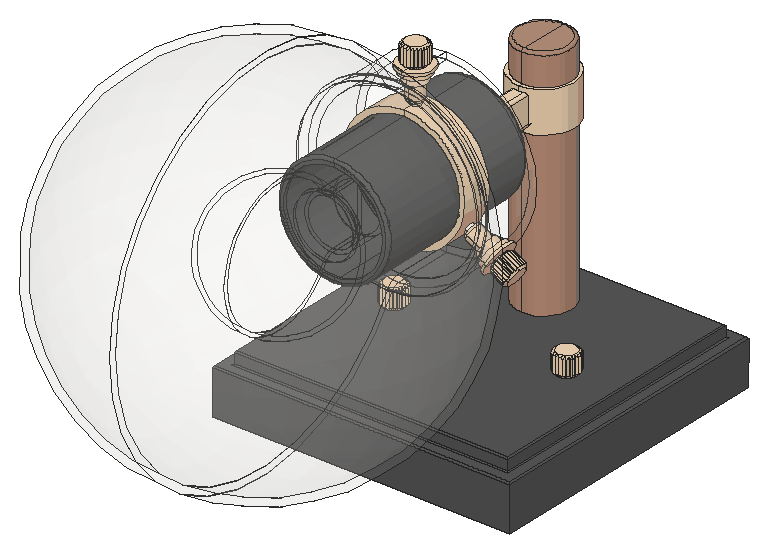
Revit family "Light_Fixture-Wall_Sconce-KOHLER-Holt-K-38412_1", category Lighting Fixtures, host Face, Revit 2021
Family settings
  Host = Face
  Round Connector Dimension = Use Diameter
  Part Type = Normal
  OmniClass Number = 23.35.47.11
  OmniClass Title = Lighting Fixtures
  Cut with Voids When Loaded = No
  Light Source = Yes
  Shared = No
  Room Calculation Point = No
Parameters (values of type "BML-Matte Black With Brushed Modern Brass")
  Width = 6 227/256"  # constant formula
  Wattage Comments = "60 W"  # constant formula
  Wattage = 60 W
  WaterSense Certified = 1 = 0  # no
  built-in parameter 1150110 = 1 (stored number, unit not read)
  Voltage = 120 V  # constant formula
  URL = "https://www.us.kohler.com/us/"
  Type = 3
  Tube Finish = Kohler-Wood-1WE-Terry_Walnut
  built-in parameter 1114217 = 1 (stored number, unit not read)
  built-in parameter 1150109 = 1 (stored number, unit not read)
  built-in parameter 1150134 = 1
  built-in parameter 1150113 = 1 (stored number, unit not read)
  Secondary Finish = KOHLER-Metal-2GL-Brushed_Modern_Brass
  Product Page URL = "http://www.us.kohler.com/us/catalog/productDetails.jsp?productNumber=38412-SC01"
  Product Name = "Holt"  # constant formula
  Product Documentation Link = "https://www.us.kohler.com/webassets/kpna/catalog/pdf/en/K-38412-SC01_spec_US-CA_Kohler_en.pdf"
  Model = if(Type = 1, "K-38412-SC01-CPL", if(Type = 2, "K-38412-SC01-BNL", if(Type = 3, "K-38412-SC01-BML", "NA")))  # "K-38412-SC01-BML"
  Material = "Premium Metal Construction"  # constant formula
  Master Format 2014 Name = "Interior Lighting Fixtures, Lamps, And Ballasts"  # constant formula
  Master Format 2014 = "26 51 13"  # constant formula
  Manufacturer Address = "444 Highland Dr, Kohler, WI 53044"  # constant formula
  Manufacturer = "Kohler Co."  # constant formula
  built-in parameter 1150105 = 95.493 (stored number, unit not read)
  Lumens = 1200 lm
  built-in parameter 1150115 = 1 (stored number, unit not read)
  Light Source Symbol Size = 3"  # constant formula
  built-in parameter 1150137 = (empty or 0)
  built-in parameter 1150139 = (empty or 0)
  Length = 6 13/256"  # constant formula
  built-in parameter 1150112 = 1 (stored number, unit not read)
  built-in parameter 1150114 = 1 (stored number, unit not read)
  Lamp = "1*E26 Type A 60W"  # constant formula
  built-in parameter 1150132 = (empty or 0)
  built-in parameter 1150102 = (empty or 0)
  built-in parameter 1150107 = 6500 (stored number, unit not read)
  built-in parameter 1150138 = (empty or 0)
  built-in parameter 1150106 = 0.95493 (stored number, unit not read)
  Height = 9 97/128"  # constant formula
  Hardware Included = 1 = 0  # no
  Finish = KOHLER-Metal-BLL-Matte_Black
  Environmental Product Declaration = ""
  Electrical Note = "One Dedicated Cicuit Required"  # constant formula
  Electrical Connector = 1 = 1  # yes
  built-in parameter 1150104 = 1.8581 (stored number, unit not read)
  Dimming Lamp Color Temperature Shift = Incandescent Lamp Curve
  Description = "Madera Globe 1-Light Sconce"  # constant formula
  Default Elevation = 60"
  Declare Label = ""
  Date Modified = "04/03/2023"  # constant formula
  Date Created = "04/03/2023"  # constant formula
  Copyright = "Copyright Kohler Co."  # constant formula
  Contact Us = "https://www.us.kohler.com/us/static/contact.jsp"
  Color Filter = 16777215
  built-in parameter 1114218 = 1 (stored number, unit not read)
  built-in parameter 1150133 = 10 (stored number, unit not read)
  Assembly Code = "D5040.50"
  Apparent Load = 60 VA  # constant formula
  ADA Compliant = 1 = 0  # no
Reference planes (in)
  plane 1 "Center (Front/Back)": y = 0
  plane 2: z = 0
  plane 3 "Center (Left/Right)": x = 0
  plane 4: z = 3.86811
  plane 5: y = 2.37205
  plane 6: y = -7.38577
  plane 7: z = 6.88672
  plane 8: y = -4.02372
  plane 9: y = -1.29921
  plane 10: y = -4.36765
  plane 11: y = -2.37205
  plane 12: x = 3.02484
  plane 13: x = -3.02595
  plane 14: x = -2.37205
  plane 15: x = 2.37205
  plane 16: x = 1.37795
  plane 17: x = -1.37795
  plane 18: z = 0.9252
  plane 19: y = -0.66929
  plane 20: y = 1.25986
Dimensions and locks (in)
  "Height": plane 6 to plane 5
  "Length": plane 13 to plane 12
  plane 14 to plane 15 = 4.74409"
  "Width": plane 7 to level
  plane 5 to plane 20 = 1.11219"
  plane 20 to plane 6 = 8.64562"
  plane 19 to plane 6 = 6.71647"
  aligned and locked: plane 2 to host face
  aligned and locked: level to host face
Automatic sketch dimensions
  host sketch curve to host sketch curve = 96"  (x2)
Nested families (in)
  nested 1: "K-38412" at (0, 0, 0), type "K-38412"
Connectors (in)
  electrical at (0, 0, 0), driven by "Voltage", driven by "Apparent Load", driven by "Electrical Connector", driven by "Electrical Note"
    settings: on nested 1, index 1, voltage 120 V, apparent load 60 VA, apparent load phase1 0 VA, apparent load phase2 0 VA, apparent load phase3 0 VA, power factor 1, load classification "Lighting", number of poles 1, system type 30, power factor state 1, is connector primary yes, connector utility yes, sub classification motor no, connector description "One Dedicated Cicuit Required"
Definition of nested family "K-38412"
  Parameters (values of type "K-38412")
    Tube Finish = none
    Secondary Finish = none
    Material = none
    Default Elevation = 0"
  Reference planes (in)
    plane 1 "Center (Front/Back)": y = 0
    plane 2: z = 0
    plane 3 "Center (Left/Right)": x = 0
    plane 4: y = 2.37205
    plane 5: y = -2.37205
    plane 6: x = 2.37205
    plane 7: x = -2.37205
    plane 8: y = -4.36765
    plane 9: y = -7.3855
    plane 10: z = 3.86811
    plane 11: z = 6.88742
    plane 12: x = 3.02484
    plane 13: x = -3.02484
    plane 14: y = -1.29921
    plane 15: x = 1.37795
    plane 16: x = -1.37795
    plane 17: y = -4.02372
  Forms (in)
    Sweep 1, solid, material <- "Material", detail levels medium+fine
      path origin (0, 0, 0) x (1, 0, 0) y (0, 1, 0)
        loop
          line (-2.37205, 2.37205) -> (-2.37205, -2.37205) -> (2.37205, -2.37205) -> (2.37205, 2.37205) -> (-2.37205, 2.37205)
      profile origin (0, 2.37205, 0) x (0, 1, 0) y (0, 0, 1)
        loop
          line (-0.19685, 0.74803) -> (-0.19685, 0.90089) -> (-0.21654, 0.9252) -> (-0.60247, 0.9252) -> (-0.60247, 0) -> (0, 0) -> (0, 0.70404) -> (-0.01969, 0.72835) -> (-0.17254, 0.72835) -> (-0.19685, 0.74803)
    Extrusion 2, solid, material <- "Material", detail levels medium+fine
      sketch origin (0, 0, 0) x (1, 0, 0) y (0, 1, 0)
        loop
          line (-1.76957, 1.76957) -> (-1.76957, -1.76957) -> (1.76957, -1.76957) -> (1.76957, 1.76957) -> (-1.76957, 1.76957)
      from 0 to 0.9252
    Revolve 3, solid
      sketch origin (0, 0, 0) x (0, 1, 0) y (0, 0, 1)
        loop
          line (-0.66929, 5.18701) -> (-0.66929, 5.30512) -> (-1.63127, 5.30512)
          arc (-1.63127, 5.30512) -> (-1.69643, 5.32263) -> (-1.74401, 5.37046) r 0.12992
          arc (-1.74401, 5.37046) -> (-5.14423, 6.78905) -> (-7.38967, 3.86811) r 3.02277
          line (-7.38967, 3.86811) -> (-7.27156, 3.86811)
          arc (-7.27156, 3.86811) -> (-5.12095, 6.67315) -> (-1.8538, 5.32442) r 2.90461
          arc (-1.8538, 5.32442) -> (-1.75296, 5.22382) -> (-1.61535, 5.18701) r 0.27559
          line (-1.61535, 5.18701) -> (-0.66929, 5.18701)
        axis (-0.66929, 3.86811) -> (-7.38967, 3.86811)
      angle from 0 to 360
    Revolve 4, solid, material <- "Material", detail levels medium+fine
      sketch origin (0, 0, 0) x (0, 1, 0) y (0, 0, 1)
        loop
          line (-1.45669, 4.75394) -> (-1.45669, 3.86811) -> (-0.49046, 3.86811) -> (-0.49046, 4.19814)
          arc (-0.49046, 4.19814) -> (-0.48326, 4.21554) -> (-0.46586, 4.22274) r 0.0246
          line (-0.46586, 4.22274) -> (-0.22635, 4.22274)
          arc (-0.22635, 4.22274) -> (-0.19195, 4.23699) -> (-0.1777, 4.27139) r 0.04864
          line (-0.1777, 4.27139) -> (-0.1777, 4.70636)
          arc (-0.1777, 4.70636) -> (-0.19164, 4.74) -> (-0.22528, 4.75394) r 0.04758
          line (-0.22528, 4.75394) -> (-1.45669, 4.75394)
        axis (-1.45669, 3.86811) -> (-0.1777, 3.86811)
      angle from 0 to 360
    Revolve 5, solid, material <- "Secondary Finish", detail levels medium+fine
      sketch origin (0, 0, 0) x (0, 1, 0) y (0, 0, 1)
        loop
          line (-0.49213, 4.18282) -> (-0.49213, 3.86811) -> (-0.2163, 3.86811) -> (-0.2163, 4.16194)
          arc (-0.2163, 4.16194) -> (-0.22242, 4.17671) -> (-0.23718, 4.18282) r 0.02088
          line (-0.23718, 4.18282) -> (-0.49213, 4.18282)
        axis (-0.49213, 3.86811) -> (-0.2163, 3.86811)
      angle from 0 to 360
    Revolve 6, solid, material <- "Secondary Finish", detail levels medium+fine
      sketch origin (0, 0, 0) x (0, 1, 0) y (0, 0, 1)
        loop
          line (-1.29921, 4.90551) -> (-1.1811, 4.90551) -> (-1.16732, 4.94488) -> (-1.16732, 5.29921) -> (-1.06299, 5.29921) -> (-1.06299, 5.37795) -> (-1.02362, 5.37795) -> (-1.02362, 5.41732) -> (-1.29921, 5.41732) -> (-1.29921, 4.90551)
        axis (-1.29921, 4.90551) -> (-1.29921, 5.41732)
      angle from 0 to 360
    Revolve 7, solid, material <- "Tube Finish", detail levels medium+fine
      sketch origin (0, 0, 0) x (0, 1, 0) y (0, 0, 1)
        loop
          line (1.69291, 0.9252) -> (1.69291, 4.64463)
          arc (1.69291, 4.64463) -> (1.68105, 4.67328) -> (1.6524, 4.68514) r 0.04052
          line (1.6524, 4.68514) -> (1.25984, 4.68514) -> (1.25984, 0.9252) -> (1.69291, 0.9252)
        axis (1.25984, 0.9252) -> (1.25984, 4.68514)
      angle from 0 to 360
    Revolve 8, solid, material <- "Secondary Finish", detail levels medium+fine
      sketch origin (0, 0, 0) x (0, 1, 0) y (0, 0, 1)
        loop
          line (1.25984, 3.54291) -> (1.75342, 3.54291) -> (1.75342, 4.19312) -> (1.25984, 4.19312) -> (1.25984, 3.54291)
        axis (1.25984, 3.54291) -> (1.25984, 4.19312)
      angle from 0 to 360
    Extrusion 9, solid, material <- "Secondary Finish", detail levels medium+fine
      sketch origin (0, 0, 0) x (1, 0, 0) y (0, 0, 1)
        loop
          arc (-0.07882, 4.11785) -> (-0.11198, 4.10411) -> (-0.12572, 4.07095) r 0.0469
          line (-0.12572, 4.07095) -> (-0.12572, 3.66585)
          arc (-0.12572, 3.66585) -> (-0.11188, 3.63245) -> (-0.07847, 3.61861) r 0.04724
          line (-0.07847, 3.61861) -> (0.07847, 3.61861)
          arc (0.07847, 3.61861) -> (0.11188, 3.63245) -> (0.12572, 3.66585) r 0.04724
          line (0.12572, 3.66585) -> (0.12572, 4.07104)
          arc (0.12572, 4.07104) -> (0.11201, 4.10414) -> (0.07891, 4.11785) r 0.04681
          line (0.07891, 4.11785) -> (-0.07882, 4.11785)
        loop
          line (-0.0863, 4.07903) -> (-0.0863, 3.65742) -> (0.0865, 3.65742) -> (0.0865, 4.07903) -> (-0.0863, 4.07903)
      from -0.89392 to 0.25619
    Extrusion 10, solid, material <- "Secondary Finish", detail levels medium+fine
      sketch origin (0, 0, 0) x (1, 0, 0) y (0, 1, 0)
        loop
          line (0.16583, -1.25514) -> (0.18438, -1.22301) -> (0.14901, -1.21354) -> (0.15851, -1.1781) -> (0.1212, -1.1781) -> (0.1212, -1.14121) -> (0.08576, -1.1507) -> (0.07622, -1.11512) -> (0.04466, -1.13334) -> (0.02601, -1.10105) -> (-0.00044, -1.1275) -> (-0.02611, -1.10182) -> (-0.04488, -1.13305) -> (-0.07636, -1.11414) -> (-0.086, -1.15012) -> (-0.1216, -1.14058) -> (-0.1216, -1.17736) -> (-0.15841, -1.17736) -> (-0.14871, -1.21353) -> (-0.18389, -1.22296) -> (-0.16562, -1.25461) -> (-0.19769, -1.27312) -> (-0.17196, -1.29885) -> (-0.19769, -1.32458) -> (-0.16562, -1.34309) -> (-0.18389, -1.37474) -> (-0.14871, -1.38417) -> (-0.15841, -1.42034) -> (-0.1216, -1.42034) -> (-0.1216, -1.45712) -> (-0.086, -1.44758) -> (-0.07636, -1.48356) -> (-0.04488, -1.46465) -> (-0.02611, -1.49588) -> (-0.00044, -1.4702) -> (0.02601, -1.49665) -> (0.04466, -1.46436) -> (0.07622, -1.48258) -> (0.08576, -1.447) -> (0.1212, -1.45649) -> (0.1212, -1.4196) -> (0.15851, -1.4196) -> (0.14901, -1.38416) -> (0.18438, -1.37469) -> (0.16583, -1.34256) -> (0.19745, -1.3243) -> (0.172, -1.29885) -> (0.19745, -1.2734) -> (0.16583, -1.25514)
      from 5.41732 to 5.73228
    Revolve 11, void
      sketch origin (0, 0, 0) x (0, 1, 0) y (0, 0, 1)
        loop
          line (-1.08602, 5.40081) -> (-1.08602, 5.47569) -> (-1.1609, 5.40081) -> (-1.08602, 5.40081)
        loop
          line (-1.08757, 5.67728) -> (-1.08757, 5.75186) -> (-1.16215, 5.75186) -> (-1.08757, 5.67728)
        axis (-1.29885, 5.40081) -> (-1.29885, 5.75186)
      angle from 0 to 360
    Extrusion 12, solid, material <- "Secondary Finish", detail levels medium+fine
      sketch origin (-1.37795, 1.29761, -4.47561) x (1, 0, 0) y (0, 1, 0)
        loop
          line (0.16583, -1.25514) -> (0.18438, -1.22301) -> (0.14901, -1.21354) -> (0.15851, -1.1781) -> (0.1212, -1.1781) -> (0.1212, -1.14121) -> (0.08576, -1.1507) -> (0.07622, -1.11512) -> (0.04466, -1.13334) -> (0.02601, -1.10105) -> (-0.00044, -1.1275) -> (-0.02611, -1.10182) -> (-0.04488, -1.13305) -> (-0.07636, -1.11414) -> (-0.086, -1.15012) -> (-0.1216, -1.14058) -> (-0.1216, -1.17736) -> (-0.15841, -1.17736) -> (-0.14871, -1.21353) -> (-0.18389, -1.22296) -> (-0.16562, -1.25461) -> (-0.19769, -1.27312) -> (-0.17196, -1.29885) -> (-0.19769, -1.32458) -> (-0.16562, -1.34309) -> (-0.18389, -1.37474) -> (-0.14871, -1.38417) -> (-0.15841, -1.42034) -> (-0.1216, -1.42034) -> (-0.1216, -1.45712) -> (-0.086, -1.44758) -> (-0.07636, -1.48356) -> (-0.04488, -1.46465) -> (-0.02611, -1.49588) -> (-0.00044, -1.4702) -> (0.02601, -1.49665) -> (0.04466, -1.46436) -> (0.07622, -1.48258) -> (0.08576, -1.447) -> (0.1212, -1.45649) -> (0.1212, -1.4196) -> (0.15851, -1.4196) -> (0.14901, -1.38416) -> (0.18438, -1.37469) -> (0.16583, -1.34256) -> (0.19745, -1.3243) -> (0.172, -1.29885) -> (0.19745, -1.2734) -> (0.16583, -1.25514)
      from 5.40081 to 5.71538
    Revolve 13, void
      sketch origin (-1.37795, 1.29761, -4.47561) x (0, 1, 0) y (0, 0, 1)
        loop
          line (-1.08354, 5.38309) -> (-1.08354, 5.45798) -> (-1.15843, 5.38309) -> (-1.08354, 5.38309)
        loop
          line (-1.08509, 5.65956) -> (-1.08509, 5.73415) -> (-1.15968, 5.73415) -> (-1.08509, 5.65956)
        axis (-1.29885, 5.38309) -> (-1.29885, 5.73415)
      angle from 0 to 360
    Extrusion 14, solid, material <- "Secondary Finish", detail levels medium+fine
      sketch origin (1.37795, 1.29761, -4.47561) x (-1, 0, 0) y (0, -1, 0)
        loop
          line (0.16583, 1.25514) -> (0.19745, 1.2734) -> (0.172, 1.29885) -> (0.19745, 1.3243) -> (0.16583, 1.34256) -> (0.18438, 1.37469) -> (0.14901, 1.38416) -> (0.15851, 1.4196) -> (0.1212, 1.4196) -> (0.1212, 1.45649) -> (0.08576, 1.447) -> (0.07622, 1.48258) -> (0.04466, 1.46436) -> (0.02601, 1.49665) -> (-0.00044, 1.4702) -> (-0.02611, 1.49588) -> (-0.04488, 1.46465) -> (-0.07636, 1.48356) -> (-0.086, 1.44758) -> (-0.1216, 1.45712) -> (-0.1216, 1.42034) -> (-0.15841, 1.42034) -> (-0.14871, 1.38417) -> (-0.18389, 1.37474) -> (-0.16562, 1.34309) -> (-0.19769, 1.32458) -> (-0.17196, 1.29885) -> (-0.19769, 1.27312) -> (-0.16562, 1.25461) -> (-0.18389, 1.22296) -> (-0.14871, 1.21353) -> (-0.15841, 1.17736) -> (-0.1216, 1.17736) -> (-0.1216, 1.14058) -> (-0.086, 1.15012) -> (-0.07636, 1.11414) -> (-0.04488, 1.13305) -> (-0.02611, 1.10182) -> (-0.00044, 1.1275) -> (0.02601, 1.10105) -> (0.04466, 1.13334) -> (0.07622, 1.11512) -> (0.08576, 1.1507) -> (0.1212, 1.14121) -> (0.1212, 1.1781) -> (0.15851, 1.1781) -> (0.14901, 1.21354) -> (0.18438, 1.22301) -> (0.16583, 1.25514)
      from 5.40081 to 5.71538
    Revolve 15, void
      sketch origin (1.37795, 1.29761, -4.47561) x (0, 1, 0) y (0, 0, -1)
        loop
          line (-1.08354, -5.38309) -> (-1.15843, -5.38309) -> (-1.08354, -5.45798) -> (-1.08354, -5.38309)
        loop
          line (-1.08509, -5.65956) -> (-1.15968, -5.73415) -> (-1.08509, -5.73415) -> (-1.08509, -5.65956)
        axis (-1.29885, -5.38309) -> (-1.29885, -5.73415)
      angle from 0 to 360
    Extrusion 16, solid, material <- "Secondary Finish", detail levels medium+fine
      sketch origin (3.34635, 0, 5.79604) x (-0.5, 0, 0.866025) y (0, 1, 0)
        loop
          line (0.16583, -1.25514) -> (0.18438, -1.22301) -> (0.14901, -1.21354) -> (0.15851, -1.1781) -> (0.1212, -1.1781) -> (0.1212, -1.14121) -> (0.08576, -1.1507) -> (0.07622, -1.11512) -> (0.04466, -1.13334) -> (0.02601, -1.10105) -> (-0.00044, -1.1275) -> (-0.02611, -1.10182) -> (-0.04488, -1.13305) -> (-0.07636, -1.11414) -> (-0.086, -1.15012) -> (-0.1216, -1.14058) -> (-0.1216, -1.17736) -> (-0.15841, -1.17736) -> (-0.14871, -1.21353) -> (-0.18389, -1.22296) -> (-0.16562, -1.25461) -> (-0.19769, -1.27312) -> (-0.17196, -1.29885) -> (-0.19769, -1.32458) -> (-0.16562, -1.34309) -> (-0.18389, -1.37474) -> (-0.14871, -1.38417) -> (-0.15841, -1.42034) -> (-0.1216, -1.42034) -> (-0.1216, -1.45712) -> (-0.086, -1.44758) -> (-0.07636, -1.48356) -> (-0.04488, -1.46465) -> (-0.02611, -1.49588) -> (-0.00044, -1.4702) -> (0.02601, -1.49665) -> (0.04466, -1.46436) -> (0.07622, -1.48258) -> (0.08576, -1.447) -> (0.1212, -1.45649) -> (0.1212, -1.4196) -> (0.15851, -1.4196) -> (0.14901, -1.38416) -> (0.18438, -1.37469) -> (0.16583, -1.34256) -> (0.19745, -1.3243) -> (0.172, -1.29885) -> (0.19745, -1.2734) -> (0.16583, -1.25514)
      from 5.41732 to 5.73228
    Revolve 17, void
      sketch origin (3.34635, 0, 5.79604) x (0, 1, 0) y (-0.866025, 0, -0.5)
        loop
          line (-1.08602, 5.40081) -> (-1.08602, 5.47569) -> (-1.1609, 5.40081) -> (-1.08602, 5.40081)
        loop
          line (-1.08757, 5.67728) -> (-1.08757, 5.75186) -> (-1.16215, 5.75186) -> (-1.08757, 5.67728)
        axis (-1.29885, 5.40081) -> (-1.29885, 5.75186)
      angle from 0 to 360
    Extrusion 18, solid, material <- "Secondary Finish", detail levels medium+fine
      sketch origin (-3.34635, 0, 5.79604) x (0.5, 0, 0.866025) y (0, -1, 0)
        loop
          line (0.16583, 1.25514) -> (0.19745, 1.2734) -> (0.172, 1.29885) -> (0.19745, 1.3243) -> (0.16583, 1.34256) -> (0.18438, 1.37469) -> (0.14901, 1.38416) -> (0.15851, 1.4196) -> (0.1212, 1.4196) -> (0.1212, 1.45649) -> (0.08576, 1.447) -> (0.07622, 1.48258) -> (0.04466, 1.46436) -> (0.02601, 1.49665) -> (-0.00044, 1.4702) -> (-0.02611, 1.49588) -> (-0.04488, 1.46465) -> (-0.07636, 1.48356) -> (-0.086, 1.44758) -> (-0.1216, 1.45712) -> (-0.1216, 1.42034) -> (-0.15841, 1.42034) -> (-0.14871, 1.38417) -> (-0.18389, 1.37474) -> (-0.16562, 1.34309) -> (-0.19769, 1.32458) -> (-0.17196, 1.29885) -> (-0.19769, 1.27312) -> (-0.16562, 1.25461) -> (-0.18389, 1.22296) -> (-0.14871, 1.21353) -> (-0.15841, 1.17736) -> (-0.1216, 1.17736) -> (-0.1216, 1.14058) -> (-0.086, 1.15012) -> (-0.07636, 1.11414) -> (-0.04488, 1.13305) -> (-0.02611, 1.10182) -> (-0.00044, 1.1275) -> (0.02601, 1.10105) -> (0.04466, 1.13334) -> (0.07622, 1.11512) -> (0.08576, 1.1507) -> (0.1212, 1.14121) -> (0.1212, 1.1781) -> (0.15851, 1.1781) -> (0.14901, 1.21354) -> (0.18438, 1.22301) -> (0.16583, 1.25514)
      from 5.41732 to 5.73228
    Revolve 19, void
      sketch origin (-3.34635, 0, 5.79604) x (0, 1, 0) y (-0.866025, 0, 0.5)
        loop
          line (-1.08602, -5.40081) -> (-1.1609, -5.40081) -> (-1.08602, -5.47569) -> (-1.08602, -5.40081)
        loop
          line (-1.08757, -5.67728) -> (-1.16215, -5.75186) -> (-1.08757, -5.75186) -> (-1.08757, -5.67728)
        axis (-1.29885, -5.40081) -> (-1.29885, -5.75186)
      angle from 0 to 360
    Revolve 20, solid
      sketch origin (0, 0, 0) x (0, 1, 0) y (0, 0, 1)
        loop
          arc (-3.05482, 4.36806) -> (-4.2777, 4.92458) -> (-5.10777, 3.86811) r 1.08735
          line (-5.10777, 3.86811) -> (-5.04051, 3.86811)
          arc (-5.04051, 3.86811) -> (-4.26911, 4.85743) -> (-3.12158, 4.35048) r 1.02009
          arc (-3.12158, 4.35048) -> (-3.04919, 4.27463) -> (-2.94813, 4.24671) r 0.19685
          line (-2.94813, 4.24671) -> (-2.43627, 4.24671) -> (-2.43627, 3.86811) -> (-2.37205, 3.86811) -> (-2.37205, 4.30426) -> (-2.94994, 4.30426)
          arc (-2.94994, 4.30426) -> (-3.01132, 4.32146) -> (-3.05482, 4.36806) r 0.11811
        axis (-2.37205, 3.86811) -> (-5.10777, 3.86811)
      angle from 0 to 360
    Revolve 21, solid, material <- "Material", detail levels medium+fine
      sketch origin (0, 0.00062, 0.00027) x (0, 1, 0) y (0, 0, 1)
        loop
          line (-2.93307, 4.65524) -> (-2.8937, 4.65524) -> (-2.8937, 4.71436) -> (-1.49588, 4.71436) -> (-1.49588, 4.66358)
          arc (-1.49588, 4.66358) -> (-1.48176, 4.62948) -> (-1.44766, 4.61536) r 0.04822
          line (-1.44766, 4.61536) -> (-0.57087, 4.61536) -> (-0.57087, 4.07453) -> (-0.5315, 4.07453) -> (-0.5315, 4.60408)
          arc (-0.5315, 4.60408) -> (-0.54655, 4.64042) -> (-0.58289, 4.65548) r 0.05139
          line (-0.58289, 4.65548) -> (-1.45669, 4.65548) -> (-1.45669, 4.70519)
          arc (-1.45669, 4.70519) -> (-1.47089, 4.73946) -> (-1.50515, 4.75365) r 0.04846
          line (-1.50515, 4.75365) -> (-2.88538, 4.75365)
          arc (-2.88538, 4.75365) -> (-2.9191, 4.73968) -> (-2.93307, 4.70596) r 0.04769
          line (-2.93307, 4.70596) -> (-2.93307, 4.65524)
        axis (-0.5315, 3.86784) -> (-2.93307, 3.86784)
      angle from 0 to 360
    Revolve 22, solid, material <- "Material", detail levels coarse
      sketch origin (0, 0, 0) x (0, 1, 0) y (0, 0, 1)
        loop
          line (-2.93537, 4.76624) -> (-2.93537, 3.86811) -> (-0.1777, 3.86811) -> (-0.1777, 4.76624) -> (-2.93537, 4.76624)
        axis (-2.93537, 3.86811) -> (-0.1777, 3.86811)
      angle from 0 to 360
    Revolve 23, solid, material <- "Tube Finish", detail levels coarse
      sketch origin (0, 0, 0) x (0, 1, 0) y (0, 0, 1)
        loop
          line (1.70522, 0.9252) -> (1.70522, 4.68514) -> (1.25984, 4.68514) -> (1.25984, 0.9252) -> (1.70522, 0.9252)
        axis (1.25984, 0.9252) -> (1.25984, 4.68514)
      angle from 0 to 360
    Extrusion 24, solid, material <- "Material", detail levels coarse
      sketch origin (0, 0, 0) x (1, 0, 0) y (0, 1, 0)
        loop
          line (2.37205, -2.37205) -> (2.37205, 2.37205) -> (-2.37205, 2.37205) -> (-2.37205, -2.37205) -> (2.37205, -2.37205)
      from 0 to 0.9252
    Extrusion 25, solid, material <- "Secondary Finish", detail levels coarse
      sketch origin (0, 0, 0) x (1, 0, 0) y (0, 1, 0)
        loop
          circle (-1.37795, -0.00124) r 0.2372
        loop
          circle (1.37795, -0.00124) r 0.2372
      from 0.90089 to 1.23977
    Revolve 26, solid, material <- "Secondary Finish", detail levels coarse
      sketch origin (0, 0, 0) x (0, 1, 0) y (0, 0, 1)
        loop
          line (1.25984, 3.53061) -> (1.76572, 3.53061) -> (1.76572, 4.20543) -> (1.25984, 4.20543) -> (1.25984, 3.53061)
        axis (1.25984, 3.53061) -> (1.25984, 4.20543)
      angle from 0 to 360
    Extrusion 27, solid, material <- "Secondary Finish", detail levels coarse
      sketch origin (0, 0, 0) x (1, 0, 0) y (0, 0, 1)
        loop
          line (-0.13187, 4.124) -> (-0.13187, 3.61246) -> (0.13187, 3.61246) -> (0.13187, 4.124) -> (-0.13187, 4.124)
      from -0.89392 to 0.25619
    Revolve 28, solid, detail levels medium+fine
      sketch origin (0, 0, 0) x (0, 1, 0) y (0, 0, 1)
        loop
          arc (-1.29921, 5.17505) -> (-1.21048, 5.17743) -> (-1.12201, 5.18456) r 1.6559
          line (-1.12201, 5.18456) -> (-1.12201, 5.29921) -> (-1.29921, 5.29921) -> (-1.29921, 5.17505)
        loop
          line (-1.29921, 4.90551) -> (-1.29921, 4.70866) -> (-1.25016, 4.70866) -> (-1.22072, 4.72566) -> (-1.22072, 4.90551) -> (-1.29921, 4.90551)
        axis (-1.29921, 4.70866) -> (-1.29921, 5.29921)
      angle from 0 to 360
    Revolve 29, solid, material <- "Secondary Finish", detail levels medium+fine
      sketch origin (3.34988, 0, 5.80217) x (0, 1, 0) y (-0.866025, 0, -0.5)
        loop
          line (-1.29921, 4.90551) -> (-1.1811, 4.90551) -> (-1.16732, 4.94488) -> (-1.16732, 5.29921) -> (-1.06299, 5.29921) -> (-1.06299, 5.37795) -> (-1.02362, 5.37795) -> (-1.02362, 5.41732) -> (-1.29921, 5.41732) -> (-1.29921, 4.90551)
        axis (-1.29921, 4.90551) -> (-1.29921, 5.41732)
      angle from 0 to 360
    Revolve 30, solid, detail levels medium+fine
      sketch origin (3.34988, 0, 5.80217) x (0, 1, 0) y (-0.866025, 0, -0.5)
        loop
          arc (-1.29921, 5.17505) -> (-1.21048, 5.17743) -> (-1.12201, 5.18456) r 1.6559
          line (-1.12201, 5.18456) -> (-1.12201, 5.29921) -> (-1.29921, 5.29921) -> (-1.29921, 5.17505)
        loop
          line (-1.29921, 4.90551) -> (-1.29921, 4.70866) -> (-1.25016, 4.70866) -> (-1.22072, 4.72566) -> (-1.22072, 4.90551) -> (-1.29921, 4.90551)
        axis (-1.29921, 4.70866) -> (-1.29921, 5.29921)
      angle from 0 to 360
    Revolve 31, solid, material <- "Secondary Finish", detail levels medium+fine
      sketch origin (-3.34988, 0, 5.80217) x (0, 1, 0) y (-0.866025, 0, 0.5)
        loop
          line (-1.29921, -4.90551) -> (-1.29921, -5.41732) -> (-1.02362, -5.41732) -> (-1.02362, -5.37795) -> (-1.06299, -5.37795) -> (-1.06299, -5.29921) -> (-1.16732, -5.29921) -> (-1.16732, -4.94488) -> (-1.1811, -4.90551) -> (-1.29921, -4.90551)
        axis (-1.29921, -4.90551) -> (-1.29921, -5.41732)
      angle from 0 to 360
    Revolve 32, solid, detail levels medium+fine
      sketch origin (-3.34988, 0, 5.80217) x (0, 1, 0) y (-0.866025, 0, 0.5)
        loop
          line (-1.29921, -5.17505) -> (-1.29921, -5.29921) -> (-1.12201, -5.29921) -> (-1.12201, -5.18456)
          arc (-1.12201, -5.18456) -> (-1.21048, -5.17743) -> (-1.29921, -5.17505) r 1.6559
        loop
          line (-1.29921, -4.90551) -> (-1.22072, -4.90551) -> (-1.22072, -4.72566) -> (-1.25016, -4.70866) -> (-1.29921, -4.70866) -> (-1.29921, -4.90551)
        axis (-1.29921, -4.70866) -> (-1.29921, -5.29921)
      angle from 0 to 360
    Revolve 33, solid, material <- "Secondary Finish"
      sketch origin (0, 0, 0) x (0, 1, 0) y (0, 0, 1)
        loop
          line (-1.53543, 4.76363) -> (-1.06299, 4.76363) -> (-1.06299, 4.85236) -> (-1.53543, 4.85236) -> (-1.53543, 4.76363)
        axis (-1.06299, 3.86811) -> (-1.53543, 3.86811)
      angle from 0 to 360
    Revolve 34, solid, material <- "Secondary Finish", detail levels coarse
      sketch origin (3.34635, 0, 5.79604) x (0, 1, 0) y (-0.866025, 0, -0.5)
        loop
          line (-1.29921, 4.90551) -> (-1.14272, 4.90551) -> (-1.14272, 5.29921) -> (-1.02362, 5.29921) -> (-1.02362, 5.41732) -> (-1.08259, 5.41732) -> (-1.08259, 5.73228) -> (-1.29921, 5.73228) -> (-1.29921, 4.90551)
        axis (-1.29921, 4.90551) -> (-1.29921, 5.73228)
      angle from 0 to 360
    Revolve 35, solid, material <- "Secondary Finish", detail levels coarse
      sketch origin (-3.34635, 0, 5.79604) x (0, 1, 0) y (-0.866025, 0, 0.5)
        loop
          line (-1.29921, -4.90551) -> (-1.29921, -5.73228) -> (-1.08259, -5.73228) -> (-1.08259, -5.41732) -> (-1.02362, -5.41732) -> (-1.02362, -5.29921) -> (-1.14272, -5.29921) -> (-1.14272, -4.90551) -> (-1.29921, -4.90551)
        axis (-1.29921, -4.90551) -> (-1.29921, -5.73228)
      angle from 0 to 360
    Revolve 36, solid, material <- "Secondary Finish", detail levels coarse
      sketch origin (-0.02505, 0, 0.01232) x (0, 1, 0) y (0.004659, 0, 0.999989)
        loop
          line (-1.29921, 4.90551) -> (-1.14272, 4.90551) -> (-1.14272, 5.29921) -> (-1.02362, 5.29921) -> (-1.02362, 5.41732) -> (-1.08259, 5.41732) -> (-1.08259, 5.73228) -> (-1.29921, 5.73228) -> (-1.29921, 4.90551)
        axis (-1.29921, 4.90551) -> (-1.29921, 5.73228)
      angle from 0 to 360
  Cuts and joins
    joined: Sweep 1, Extrusion 2
    Revolve 11, Revolve 13, Revolve 17 cuts Extrusion 10
    Revolve 13, Revolve 17 cuts Revolve 6
    Revolve 13, Revolve 15 cuts Extrusion 12
    Revolve 15 cuts Extrusion 14
    Revolve 17, Revolve 19 cuts Extrusion 16
    Revolve 19 cuts Extrusion 18
  Lines and regions (in)
    Masking region 1
      outline origin (0, 0, 0) x (0, 1, 0) y (0, 0, 1)
        loop
          line (-0.66929, 5.30512) -> (-1.06299, 5.30512) -> (-1.06299, 5.37795) -> (-1.02362, 5.37795) -> (-1.02362, 5.41732) -> (-1.14439, 5.41732) -> (-1.10105, 5.46237) -> (-1.10105, 5.68905) -> (-1.14257, 5.73228) -> (-1.45585, 5.73228) -> (-1.49738, 5.68905) -> (-1.49738, 5.46237) -> (-1.45404, 5.41732) -> (-1.5748, 5.41732) -> (-1.5748, 5.37795) -> (-1.53543, 5.37795) -> (-1.53543, 5.30512) -> (-1.63354, 5.30512)
          arc (-1.63354, 5.30512) -> (-1.6958, 5.32187) -> (-1.74124, 5.36761) r 0.12405
          arc (-1.74124, 5.36761) -> (-7.38549, 3.87229) -> (-1.74515, 2.36229) r 3.02125
          arc (-1.74515, 2.36229) -> (-1.69491, 2.41266) -> (-1.62621, 2.4311) r 0.1372
          line (-1.62621, 2.4311) -> (-0.66929, 2.4311) -> (-0.66929, 2.98228) -> (-0.22356, 2.98228)
          arc (-0.22356, 2.98228) -> (-0.19094, 2.99579) -> (-0.17744, 3.0284) r 0.04612
          line (-0.17744, 3.0284) -> (-0.17744, 3.61851) -> (0.76626, 3.61851) -> (0.76626, 3.54291) -> (0.82677, 3.54291) -> (0.82677, 0.9252) -> (0.1569, 0.9252) -> (0.19579, 0.96581) -> (0.19579, 1.19895) -> (0.1567, 1.23977) -> (-0.1567, 1.23977) -> (-0.19904, 1.19556) -> (-0.19904, 0.96657) -> (-0.15937, 0.9252) -> (-2.15551, 0.9252) -> (-2.1752, 0.90089) -> (-2.1752, 0.74803) -> (-2.19951, 0.72835) -> (-2.35236, 0.72835) -> (-2.37205, 0.70404) -> (-2.37205, 0) -> (2.37205, 0) -> (2.37205, 0.70404) -> (2.35236, 0.72835) -> (2.19951, 0.72835) -> (2.1752, 0.74803) -> (2.1752, 0.90089) -> (2.15551, 0.9252) -> (1.69291, 0.9252) -> (1.69291, 3.54291) -> (1.75342, 3.54291) -> (1.75342, 4.19312) -> (1.69291, 4.19312) -> (1.69291, 4.6448)
          arc (1.69291, 4.6448) -> (1.68105, 4.67343) -> (1.65242, 4.68529) r 0.04049
          line (1.65242, 4.68529) -> (0.86581, 4.68529)
          arc (0.86581, 4.68529) -> (0.83821, 4.67386) -> (0.82677, 4.64625) r 0.03904
          line (0.82677, 4.64625) -> (0.82677, 4.19312) -> (0.76626, 4.19312) -> (0.76626, 4.11785) -> (-0.17744, 4.11785) -> (-0.17744, 4.70782)
          arc (-0.17744, 4.70782) -> (-0.19094, 4.74043) -> (-0.22356, 4.75394) r 0.04612
          line (-0.22356, 4.75394) -> (-0.66929, 4.75394) -> (-0.66929, 5.30512)
    Masking region 2
      outline origin (0, 0, 0) x (1, 0, 0) y (0, 0, 1)
        loop
          line (0.69921, 0.9252) -> (1.21912, 0.9252) -> (1.18027, 0.96642) -> (1.18027, 1.08304)
          arc (1.18027, 1.08304) -> (0.94304, 0.99404) -> (0.69921, 0.9252) r 3.02484
        loop
          line (2.1752, 0.90089) -> (2.15551, 0.9252) -> (1.53679, 0.9252) -> (1.57564, 0.96642) -> (1.57564, 1.19835) -> (1.53589, 1.23977) -> (1.49715, 1.23977)
          arc (1.49715, 1.23977) -> (0, 6.89295) -> (-1.49715, 1.23977) r 3.02484
          line (-1.49715, 1.23977) -> (-1.53589, 1.23977) -> (-1.57564, 1.19835) -> (-1.57564, 0.96642) -> (-1.53679, 0.9252) -> (-2.15551, 0.9252) -> (-2.1752, 0.90089) -> (-2.1752, 0.74803) -> (-2.19951, 0.72835) -> (-2.35236, 0.72835) -> (-2.37205, 0.70404) -> (-2.37205, 0) -> (2.37205, 0) -> (2.37205, 0.70404) -> (2.35236, 0.72835) -> (2.19951, 0.72835) -> (2.1752, 0.74803) -> (2.1752, 0.90089)
        loop
          arc (-0.69921, 0.9252) -> (-0.94304, 0.99404) -> (-1.18027, 1.08304) r 3.02484
          line (-1.18027, 1.08304) -> (-1.18027, 0.96642) -> (-1.21912, 0.9252) -> (-0.69921, 0.9252)
    Masking region 3
      outline origin (0, 0, 0) x (1, 0, 0) y (0, 1, 0)
        loop
          line (-2.37205, 2.37205) -> (-2.37205, -2.37205) -> (-2.27266, -2.37205)
          arc (-2.27266, -2.37205) -> (-0.00148, -7.3855) -> (2.26971, -2.37205) r 3.02117
          line (2.26971, -2.37205) -> (2.37205, -2.37205) -> (2.37205, 2.37205) -> (-2.37205, 2.37205)
    symbolic lines, detail levels medium+fine
      curve 1: line (0.49358, 0, 3.54291) -> (-0.49358, 0, 3.54291)
      curve 2: line (-1.43701, -0.66929, 0) -> (-1.43701, -1.64012, 0)
      curve 3: line (-1.43701, -0.66929, 0) -> (-0.88721, -0.66929, 0)
      curve 4: line (1.43701, -0.66929, 0) -> (1.43701, -1.64012, 0)
      curve 5: line (-0.88721, -0.23294, 0) -> (-0.88721, -0.66929, 0)
      curve 6: line (-0.12658, -0.17618, 0) -> (-0.83045, -0.17618, 0)
      curve 7: line (-0.12658, -0.17618, 0) -> (-0.12658, 0.78277, 0)
      curve 8: arc (-0.83045, -0.17618, 0) -> (-0.87058, -0.19281, 0) -> (-0.88721, -0.23294, 0) r 0.05675
      curve 9: line (0.88721, -0.23294, 0) -> (0.88721, -0.66929, 0)
      curve 10: arc (0.83045, -0.17618, 0) -> (0.87058, -0.19281, 0) -> (0.88721, -0.23294, 0) r 0.05675
      curve 11: line (0.12658, -0.17618, 0) -> (0.83045, -0.17618, 0)
      curve 12: line (0.12658, -0.17618, 0) -> (0.12658, 0.78277, 0)
      curve 13: circle (0, 1.25984, 0) r 0.49358 normal (0, 0, 1)
      curve 14: circle (0, 1.25984, 0) r 0.43307 normal (0, 0, 1)
      curve 15: line (-2.19951, -2.19951, 0) -> (-2.19951, 2.19951, 0)
      curve 16: line (-2.19951, 2.19951, 0) -> (2.19951, 2.19951, 0)
      curve 17: line (2.19951, 2.19951, 0) -> (2.19951, -2.19951, 0)
      curve 18: line (2.19951, -2.19951, 0) -> (2.10885, -2.19951, 0)
      curve 19: line (-2.15551, 2.15551, 0) -> (-2.15551, -2.15551, 0)
      curve 20: line (-2.15551, -2.15551, 0) -> (-2.06269, -2.15551, 0)
      curve 21: line (2.15551, -2.15551, 0) -> (2.15551, 2.15551, 0)
      curve 22: line (2.15551, 2.15551, 0) -> (-2.15551, 2.15551, 0)
      curve 23: line (2.06269, -2.15551, 0) -> (2.15551, -2.15551, 0)
      curve 24: line (-2.10885, -2.19951, 0) -> (-2.19951, -2.19951, 0)
      curve 25: arc (-1.4936, -1.73734, 0) -> (-1.9097, -2.02208, 0) -> (-2.27266, -2.37205, 0) r 3.02117
      curve 26: line (-2.1752, 2.1752, 0) -> (-2.1752, -2.1752, 0)
      curve 27: line (-2.1752, -2.1752, 0) -> (-2.08358, -2.1752, 0)
      curve 28: line (2.1752, 2.1752, 0) -> (-2.1752, 2.1752, 0)
      curve 29: line (2.1752, -2.1752, 0) -> (2.1752, 2.1752, 0)
      curve 30: line (2.08358, -2.1752, 0) -> (2.1752, -2.1752, 0)
      curve 31: arc (-1.43701, -1.64012, 0) -> (-1.45219, -1.69637, 0) -> (-1.4936, -1.73734, 0) r 0.11181
      curve 32: arc (1.4936, -1.73734, 0) -> (1.9097, -2.02208, 0) -> (2.27266, -2.37205, 0) r 3.02117
      curve 33: arc (1.43701, -1.64012, 0) -> (1.45219, -1.69637, 0) -> (1.4936, -1.73734, 0) r 0.11181
      curve 34: line (2.15551, -2.15551, 0) -> (2.19951, -2.19951, 0)
      curve 35: line (-2.19951, -2.19951, 0) -> (-2.15551, -2.15551, 0)
      curve 36: line (-2.19951, 2.19951, 0) -> (-2.15551, 2.15551, 0)
      curve 37: line (2.19951, 2.19951, 0) -> (2.15551, 2.15551, 0)
      curve 38: line (2.35236, 2.35236, 0) -> (-2.35236, 2.35236, 0)
      curve 39: line (-2.35236, 2.35236, 0) -> (-2.35236, -2.35236, 0)
      curve 40: line (-2.35236, -2.35236, 0) -> (-2.25524, -2.35236, 0)
      curve 41: line (2.35236, -2.35236, 0) -> (2.35236, 2.35236, 0)
      curve 42: line (2.25524, -2.35236, 0) -> (2.35236, -2.35236, 0)
      curve 43: line (-0.1216, -1.17736, 0) -> (-0.15841, -1.17736, 0)
      curve 44: line (-0.15841, -1.17736, 0) -> (-0.14871, -1.21353, 0)
      curve 45: line (-0.14871, -1.21353, 0) -> (-0.18389, -1.22296, 0)
      curve 46: line (-0.18389, -1.22296, 0) -> (-0.16562, -1.25461, 0)
      curve 47: line (-0.16562, -1.25461, 0) -> (-0.19769, -1.27312, 0)
      curve 48: line (-0.19769, -1.27312, 0) -> (-0.17196, -1.29885, 0)
      curve 49: line (-0.17196, -1.29885, 0) -> (-0.19769, -1.32458, 0)
      curve 50: line (-0.19769, -1.32458, 0) -> (-0.16562, -1.34309, 0)
      curve 51: line (-0.16562, -1.34309, 0) -> (-0.18389, -1.37474, 0)
      curve 52: line (-0.18389, -1.37474, 0) -> (-0.14871, -1.38417, 0)
      curve 53: line (-0.14871, -1.38417, 0) -> (-0.15841, -1.42034, 0)
      curve 54: line (-0.15841, -1.42034, 0) -> (-0.1216, -1.42034, 0)
      curve 55: line (-0.1216, -1.42034, 0) -> (-0.1216, -1.45712, 0)
      curve 56: line (-0.1216, -1.45712, 0) -> (-0.086, -1.44758, 0)
      curve 57: line (-0.086, -1.44758, 0) -> (-0.07636, -1.48356, 0)
      curve 58: line (-0.07636, -1.48356, 0) -> (-0.04488, -1.46465, 0)
      curve 59: line (-0.04488, -1.46465, 0) -> (-0.02611, -1.49588, 0)
      curve 60: line (-0.02611, -1.49588, 0) -> (-0.00044, -1.4702, 0)
      curve 61: line (-0.00044, -1.4702, 0) -> (0.02601, -1.49665, 0)
      curve 62: line (0.02601, -1.49665, 0) -> (0.04466, -1.46436, 0)
      curve 63: line (0.04466, -1.46436, 0) -> (0.07622, -1.48258, 0)
      curve 64: line (0.07622, -1.48258, 0) -> (0.08576, -1.447, 0)
      curve 65: line (0.08576, -1.447, 0) -> (0.1212, -1.45649, 0)
      curve 66: line (0.1212, -1.45649, 0) -> (0.1212, -1.4196, 0)
      curve 67: line (0.1212, -1.4196, 0) -> (0.15851, -1.4196, 0)
      curve 68: line (0.15851, -1.4196, 0) -> (0.14901, -1.38416, 0)
      curve 69: line (0.14901, -1.38416, 0) -> (0.18438, -1.37469, 0)
      curve 70: line (0.18438, -1.37469, 0) -> (0.16583, -1.34256, 0)
      curve 71: line (0.16583, -1.34256, 0) -> (0.19745, -1.3243, 0)
      curve 72: line (0.19745, -1.3243, 0) -> (0.172, -1.29885, 0)
      curve 73: line (0.172, -1.29885, 0) -> (0.19745, -1.2734, 0)
      curve 74: line (0.19745, -1.2734, 0) -> (0.16583, -1.25514, 0)
      curve 75: line (0.16583, -1.25514, 0) -> (0.18438, -1.22301, 0)
      curve 76: line (0.18438, -1.22301, 0) -> (0.14901, -1.21354, 0)
      curve 77: line (0.14901, -1.21354, 0) -> (0.15851, -1.1781, 0)
      curve 78: line (0.15851, -1.1781, 0) -> (0.1212, -1.1781, 0)
      curve 79: line (0.1212, -1.1781, 0) -> (0.1212, -1.14121, 0)
      curve 80: line (0.1212, -1.14121, 0) -> (0.08576, -1.1507, 0)
      curve 81: line (0.08576, -1.1507, 0) -> (0.07622, -1.11512, 0)
      curve 82: line (0.07622, -1.11512, 0) -> (0.04466, -1.13334, 0)
      curve 83: line (0.04466, -1.13334, 0) -> (0.02601, -1.10105, 0)
      curve 84: line (0.02601, -1.10105, 0) -> (-0.00044, -1.1275, 0)
      curve 85: line (-0.00044, -1.1275, 0) -> (-0.02611, -1.10182, 0)
      curve 86: line (-0.02611, -1.10182, 0) -> (-0.04488, -1.13305, 0)
      curve 87: line (-0.04488, -1.13305, 0) -> (-0.07636, -1.11414, 0)
      curve 88: line (-0.07636, -1.11414, 0) -> (-0.086, -1.15012, 0)
      curve 89: line (-0.086, -1.15012, 0) -> (-0.1216, -1.14058, 0)
      curve 90: line (-0.1216, -1.14058, 0) -> (-0.1216, -1.17736, 0)
      curve 91: arc (0, -1.45513, 0) -> (0.15628, -1.29885, 0) -> (0, -1.14257, 0) r 0.15628
      curve 92: arc (0, -1.14257, 0) -> (-0.15628, -1.29885, 0) -> (0, -1.45513, 0) r 0.15628
      curve 93: arc (0, -1.5748, 0) -> (0.27559, -1.29921, 0) -> (0, -1.02362, 0) r 0.27559
      curve 94: arc (0, -1.02362, 0) -> (-0.27559, -1.29921, 0) -> (0, -1.5748, 0) r 0.27559
      curve 95: arc (-1.37795, 0.1567, 0) -> (-1.53589, -0.00124, 0) -> (-1.37795, -0.15917, 0) r 0.15794
      curve 96: arc (-1.37795, -0.15917, 0) -> (-1.22002, -0.00124, 0) -> (-1.37795, 0.1567, 0) r 0.15794
      curve 97: line (-1.33329, 0.16427, 0) -> (-1.35194, 0.19657, 0)
      curve 98: line (-1.35194, 0.19657, 0) -> (-1.37839, 0.17011, 0)
      curve 99: line (-1.30173, 0.18249, 0) -> (-1.33329, 0.16427, 0)
      curve 100: line (-1.2922, 0.14691, 0) -> (-1.30173, 0.18249, 0)
      curve 101: line (-1.25676, 0.1564, 0) -> (-1.2922, 0.14691, 0)
      curve 102: line (-1.25676, 0.11952, 0) -> (-1.25676, 0.1564, 0)
      curve 103: line (-1.21945, 0.11952, 0) -> (-1.25676, 0.11952, 0)
      curve 104: line (-1.22894, 0.08408, 0) -> (-1.21945, 0.11952, 0)
      curve 105: line (-1.19358, 0.0746, 0) -> (-1.22894, 0.08408, 0)
      curve 106: line (-1.21213, 0.04247, 0) -> (-1.19358, 0.0746, 0)
      curve 107: line (-1.1805, 0.02421, 0) -> (-1.21213, 0.04247, 0)
      curve 108: line (-1.20595, -0.00124, 0) -> (-1.1805, 0.02421, 0)
      curve 109: line (-1.1805, -0.02669, 0) -> (-1.20595, -0.00124, 0)
      curve 110: line (-1.21213, -0.04495, 0) -> (-1.1805, -0.02669, 0)
      curve 111: line (-1.19358, -0.07708, 0) -> (-1.21213, -0.04495, 0)
      curve 112: line (-1.22894, -0.08655, 0) -> (-1.19358, -0.07708, 0)
      curve 113: line (-1.21945, -0.12199, 0) -> (-1.22894, -0.08655, 0)
      curve 114: line (-1.25676, -0.12199, 0) -> (-1.21945, -0.12199, 0)
      curve 115: line (-1.25676, -0.15888, 0) -> (-1.25676, -0.12199, 0)
      curve 116: line (-1.2922, -0.14938, 0) -> (-1.25676, -0.15888, 0)
      curve 117: line (-1.30173, -0.18496, 0) -> (-1.2922, -0.14938, 0)
      curve 118: line (-1.33329, -0.16674, 0) -> (-1.30173, -0.18496, 0)
      curve 119: line (-1.35194, -0.19904, 0) -> (-1.33329, -0.16674, 0)
      curve 120: line (-1.37839, -0.17259, 0) -> (-1.35194, -0.19904, 0)
      curve 121: line (-1.40407, -0.19827, 0) -> (-1.37839, -0.17259, 0)
      curve 122: line (-1.42283, -0.16704, 0) -> (-1.40407, -0.19827, 0)
      curve 123: line (-1.45431, -0.18595, 0) -> (-1.42283, -0.16704, 0)
      curve 124: line (-1.46395, -0.14997, 0) -> (-1.45431, -0.18595, 0)
      curve 125: line (-1.49956, -0.15951, 0) -> (-1.46395, -0.14997, 0)
      curve 126: line (-1.49956, -0.12273, 0) -> (-1.49956, -0.15951, 0)
      curve 127: line (-1.53636, -0.12273, 0) -> (-1.49956, -0.12273, 0)
      curve 128: line (-1.52667, -0.08656, 0) -> (-1.53636, -0.12273, 0)
      curve 129: line (-1.56184, -0.07713, 0) -> (-1.52667, -0.08656, 0)
      curve 130: line (-1.54357, -0.04548, 0) -> (-1.56184, -0.07713, 0)
      curve 131: line (-1.57564, -0.02696, 0) -> (-1.54357, -0.04548, 0)
      curve 132: line (-1.54991, -0.00124, 0) -> (-1.57564, -0.02696, 0)
      curve 133: line (-1.57564, 0.02449, 0) -> (-1.54991, -0.00124, 0)
      curve 134: line (-1.54357, 0.043, 0) -> (-1.57564, 0.02449, 0)
      curve 135: line (-1.56184, 0.07466, 0) -> (-1.54357, 0.043, 0)
      curve 136: line (-1.52667, 0.08408, 0) -> (-1.56184, 0.07466, 0)
      curve 137: line (-1.53636, 0.12026, 0) -> (-1.52667, 0.08408, 0)
      curve 138: line (-1.49956, 0.12026, 0) -> (-1.53636, 0.12026, 0)
      curve 139: line (-1.49956, 0.15703, 0) -> (-1.49956, 0.12026, 0)
      curve 140: line (-1.46395, 0.1475, 0) -> (-1.49956, 0.15703, 0)
      curve 141: line (-1.45431, 0.18348, 0) -> (-1.46395, 0.1475, 0)
      curve 142: line (-1.42283, 0.16456, 0) -> (-1.45431, 0.18348, 0)
      curve 143: line (-1.40407, 0.19579, 0) -> (-1.42283, 0.16456, 0)
      curve 144: line (-1.37839, 0.17011, 0) -> (-1.40407, 0.19579, 0)
      curve 145: arc (1.37795, 0.1567, 0) -> (1.53589, -0.00124, 0) -> (1.37795, -0.15917, 0) r 0.15794
      curve 146: arc (1.37795, -0.15917, 0) -> (1.22002, -0.00124, 0) -> (1.37795, 0.1567, 0) r 0.15794
      curve 147: line (1.33329, 0.16427, 0) -> (1.35194, 0.19657, 0)
      curve 148: line (1.35194, 0.19657, 0) -> (1.37839, 0.17011, 0)
      curve 149: line (1.30173, 0.18249, 0) -> (1.33329, 0.16427, 0)
      curve 150: line (1.2922, 0.14691, 0) -> (1.30173, 0.18249, 0)
      curve 151: line (1.25676, 0.1564, 0) -> (1.2922, 0.14691, 0)
      curve 152: line (1.25676, 0.11952, 0) -> (1.25676, 0.1564, 0)
      curve 153: line (1.21945, 0.11952, 0) -> (1.25676, 0.11952, 0)
      curve 154: line (1.22894, 0.08408, 0) -> (1.21945, 0.11952, 0)
      curve 155: line (1.19358, 0.0746, 0) -> (1.22894, 0.08408, 0)
      curve 156: line (1.21213, 0.04247, 0) -> (1.19358, 0.0746, 0)
      curve 157: line (1.1805, 0.02421, 0) -> (1.21213, 0.04247, 0)
      curve 158: line (1.20595, -0.00124, 0) -> (1.1805, 0.02421, 0)
      curve 159: line (1.1805, -0.02669, 0) -> (1.20595, -0.00124, 0)
      curve 160: line (1.21213, -0.04495, 0) -> (1.1805, -0.02669, 0)
      curve 161: line (1.19358, -0.07708, 0) -> (1.21213, -0.04495, 0)
      curve 162: line (1.22894, -0.08655, 0) -> (1.19358, -0.07708, 0)
      curve 163: line (1.21945, -0.12199, 0) -> (1.22894, -0.08655, 0)
      curve 164: line (1.25676, -0.12199, 0) -> (1.21945, -0.12199, 0)
      curve 165: line (1.25676, -0.15888, 0) -> (1.25676, -0.12199, 0)
      curve 166: line (1.2922, -0.14938, 0) -> (1.25676, -0.15888, 0)
      curve 167: line (1.30173, -0.18496, 0) -> (1.2922, -0.14938, 0)
      curve 168: line (1.33329, -0.16674, 0) -> (1.30173, -0.18496, 0)
      curve 169: line (1.35194, -0.19904, 0) -> (1.33329, -0.16674, 0)
      curve 170: line (1.37839, -0.17259, 0) -> (1.35194, -0.19904, 0)
      curve 171: line (1.40407, -0.19827, 0) -> (1.37839, -0.17259, 0)
      curve 172: line (1.42283, -0.16704, 0) -> (1.40407, -0.19827, 0)
      curve 173: line (1.45431, -0.18595, 0) -> (1.42283, -0.16704, 0)
      curve 174: line (1.46395, -0.14997, 0) -> (1.45431, -0.18595, 0)
      curve 175: line (1.49956, -0.15951, 0) -> (1.46395, -0.14997, 0)
      curve 176: line (1.49956, -0.12273, 0) -> (1.49956, -0.15951, 0)
      curve 177: line (1.53636, -0.12273, 0) -> (1.49956, -0.12273, 0)
      curve 178: line (1.52667, -0.08656, 0) -> (1.53636, -0.12273, 0)
      curve 179: line (1.56184, -0.07713, 0) -> (1.52667, -0.08656, 0)
      curve 180: line (1.54357, -0.04548, 0) -> (1.56184, -0.07713, 0)
      curve 181: line (1.57564, -0.02696, 0) -> (1.54357, -0.04548, 0)
      curve 182: line (1.54991, -0.00124, 0) -> (1.57564, -0.02696, 0)
      curve 183: line (1.57564, 0.02449, 0) -> (1.54991, -0.00124, 0)
      curve 184: line (1.54357, 0.043, 0) -> (1.57564, 0.02449, 0)
      curve 185: line (1.56184, 0.07466, 0) -> (1.54357, 0.043, 0)
      curve 186: line (1.52667, 0.08408, 0) -> (1.56184, 0.07466, 0)
      curve 187: line (1.53636, 0.12026, 0) -> (1.52667, 0.08408, 0)
      curve 188: line (1.49956, 0.12026, 0) -> (1.53636, 0.12026, 0)
      curve 189: line (1.49956, 0.15703, 0) -> (1.49956, 0.12026, 0)
      curve 190: line (1.46395, 0.1475, 0) -> (1.49956, 0.15703, 0)
      curve 191: line (1.45431, 0.18348, 0) -> (1.46395, 0.1475, 0)
      curve 192: line (1.42283, 0.16456, 0) -> (1.45431, 0.18348, 0)
      curve 193: line (1.40407, 0.19579, 0) -> (1.42283, 0.16456, 0)
      curve 194: line (1.37839, 0.17011, 0) -> (1.40407, 0.19579, 0)
      curve 195: line (1.43701, -0.66929, 0) -> (0.88721, -0.66929, 0)
      curve 196: line (-0.88721, -0.66929, 0) -> (0.88721, -0.66929, 0)
      curve 197: line (-0.12658, -0.17618, 0) -> (0.12658, -0.17618, 0)
      curve 198: line (1.43701, -1.10105, 0) -> (1.60697, -1.10105, 0)
      curve 199: spline (1.43701, -1.41117, 0) -> (1.4406, -1.39336, 0) -> (1.44357, -1.37508, 0) -> (1.44589, -1.35644, 0) -> (1.44755, -1.33752, 0) -> (1.44856, -1.31841, 0) -> (1.44889, -1.29921, 0) -> (1.44856, -1.28001, 0) -> (1.44755, -1.26091, 0) -> (1.44589, -1.24198, 0) -> (1.44357, -1.22334, 0) -> (1.4406, -1.20507, 0) -> (1.43701, -1.18725, 0)
      curve 200: line (1.44774, -1.11512, 0) -> (1.61914, -1.11512, 0)
      curve 201: line (1.45809, -1.14121, 0) -> (1.64051, -1.14121, 0)
      curve 202: line (1.66756, -1.1781, 0) -> (1.46897, -1.1781, 0)
      curve 203: line (1.47616, -1.21354, 0) -> (1.6791, -1.21354, 0)
      curve 204: spline (1.6791, -1.21354, 0) -> (1.67758, -1.21053, 0) -> (1.67605, -1.20753, 0) -> (1.6745, -1.20454, 0) -> (1.67294, -1.20156, 0) -> (1.67137, -1.19859, 0) -> (1.66978, -1.19563, 0) -> (1.66818, -1.19268, 0) -> (1.66657, -1.18975, 0) -> (1.66494, -1.18682, 0) -> (1.6633, -1.1839, 0) -> (1.66165, -1.18099, 0) -> (1.65998, -1.1781, 0)
      curve 205: line (1.47761, -1.22301, 0) -> (1.67283, -1.22301, 0)
      curve 206: line (1.48121, -1.25514, 0) -> (1.68769, -1.25514, 0)
      curve 207: line (1.67961, -1.2734, 0) -> (1.48238, -1.2734, 0)
      curve 208: spline (1.67961, -1.2734, 0) -> (1.68037, -1.27191, 0) -> (1.68112, -1.27041, 0) -> (1.68185, -1.2689, 0) -> (1.68256, -1.2674, 0) -> (1.68326, -1.26588, 0) -> (1.68394, -1.26436, 0) -> (1.68461, -1.26284, 0) -> (1.68526, -1.26131, 0) -> (1.68589, -1.25977, 0) -> (1.68651, -1.25823, 0) -> (1.68711, -1.25669, 0) -> (1.68769, -1.25514, 0)
      curve 209: spline (1.69034, -1.29885, 0) -> (1.68953, -1.29669, 0) -> (1.6887, -1.29454, 0) -> (1.68786, -1.29239, 0) -> (1.68701, -1.29025, 0) -> (1.68613, -1.28812, 0) -> (1.68525, -1.286, 0) -> (1.68435, -1.28388, 0) -> (1.68343, -1.28177, 0) -> (1.6825, -1.27966, 0) -> (1.68155, -1.27757, 0) -> (1.68059, -1.27548, 0) -> (1.67961, -1.2734, 0)
      curve 210: spline (1.65531, -1.16159, 0) -> (1.66941, -1.18123, 0) -> (1.68101, -1.20655, 0) -> (1.68957, -1.23634, 0) -> (1.69467, -1.26914, 0) -> (1.69606, -1.30338, 0) -> (1.69368, -1.3374, 0) -> (1.68764, -1.36956, 0) -> (1.67823, -1.3983, 0) -> (1.66591, -1.42223, 0) -> (1.65127, -1.44021, 0) -> (1.63503, -1.45135, 0) -> (1.61796, -1.45513, 0)
      curve 211: spline (1.43701, -1.50471, 0) -> (1.45047, -1.47702, 0) -> (1.46186, -1.44584, 0) -> (1.47097, -1.41178, 0) -> (1.4776, -1.37551, 0) -> (1.48163, -1.33774, 0) -> (1.48299, -1.29921, 0) -> (1.48163, -1.26069, 0) -> (1.4776, -1.22292, 0) -> (1.47097, -1.18665, 0) -> (1.46186, -1.15258, 0) -> (1.45047, -1.1214, 0) -> (1.43701, -1.09371, 0)
      curve 212: spline (1.66573, -1.1781, 0) -> (1.66441, -1.17596, 0) -> (1.66309, -1.17383, 0) -> (1.66176, -1.17171, 0) -> (1.66043, -1.16959, 0) -> (1.65909, -1.16748, 0) -> (1.65774, -1.16537, 0) -> (1.65639, -1.16326, 0) -> (1.65503, -1.16116, 0) -> (1.65367, -1.15907, 0) -> (1.6523, -1.15698, 0) -> (1.65093, -1.15489, 0) -> (1.64955, -1.15281, 0)
      curve 213: spline (1.64955, -1.15281, 0) -> (1.64613, -1.14838, 0) -> (1.64269, -1.14396, 0) -> (1.63922, -1.13957, 0) -> (1.63573, -1.1352, 0) -> (1.63221, -1.13085, 0) -> (1.62867, -1.12653, 0) -> (1.62511, -1.12222, 0) -> (1.62153, -1.11794, 0) -> (1.61792, -1.11368, 0) -> (1.61429, -1.10945, 0) -> (1.61064, -1.10524, 0) -> (1.60697, -1.10105, 0)
      curve 214: spline (1.68769, -1.25514, 0) -> (1.68654, -1.25241, 0) -> (1.68537, -1.24969, 0) -> (1.68418, -1.24698, 0) -> (1.68298, -1.24428, 0) -> (1.68176, -1.24159, 0) -> (1.68053, -1.23891, 0) -> (1.67929, -1.23623, 0) -> (1.67803, -1.23357, 0) -> (1.67675, -1.23092, 0) -> (1.67546, -1.22827, 0) -> (1.67415, -1.22564, 0) -> (1.67283, -1.22301, 0)
      curve 215: line (1.69034, -1.29885, 0) -> (1.48299, -1.29885, 0)
      curve 216: spline (1.67283, -1.22301, 0) -> (1.67344, -1.22224, 0) -> (1.67404, -1.22146, 0) -> (1.67462, -1.22068, 0) -> (1.67519, -1.2199, 0) -> (1.67574, -1.21911, 0) -> (1.67627, -1.21832, 0) -> (1.67678, -1.21753, 0) -> (1.67728, -1.21674, 0) -> (1.67776, -1.21594, 0) -> (1.67822, -1.21514, 0) -> (1.67867, -1.21434, 0) -> (1.6791, -1.21354, 0)
      curve 217: line (1.43701, -1.49738, 0) -> (1.60697, -1.49738, 0)
      curve 218: line (1.44774, -1.4833, 0) -> (1.61914, -1.4833, 0)
      curve 219: line (1.45809, -1.45722, 0) -> (1.64051, -1.45722, 0)
      curve 220: line (1.66573, -1.42033, 0) -> (1.46897, -1.42033, 0)
      curve 221: line (1.47616, -1.38489, 0) -> (1.6791, -1.38489, 0)
      curve 222: spline (1.6791, -1.38489, 0) -> (1.67758, -1.3879, 0) -> (1.67605, -1.3909, 0) -> (1.6745, -1.39389, 0) -> (1.67294, -1.39687, 0) -> (1.67137, -1.39983, 0) -> (1.66978, -1.40279, 0) -> (1.66818, -1.40574, 0) -> (1.66657, -1.40868, 0) -> (1.66494, -1.41161, 0) -> (1.6633, -1.41453, 0) -> (1.66165, -1.41743, 0) -> (1.65998, -1.42033, 0)
      curve 223: line (1.47761, -1.37541, 0) -> (1.67283, -1.37541, 0)
      curve 224: line (1.48121, -1.34329, 0) -> (1.68769, -1.34329, 0)
      curve 225: line (1.67961, -1.32503, 0) -> (1.48238, -1.32503, 0)
      curve 226: spline (1.67961, -1.32503, 0) -> (1.68037, -1.32652, 0) -> (1.68112, -1.32802, 0) -> (1.68185, -1.32952, 0) -> (1.68256, -1.33103, 0) -> (1.68326, -1.33254, 0) -> (1.68394, -1.33406, 0) -> (1.68461, -1.33559, 0) -> (1.68526, -1.33712, 0) -> (1.68589, -1.33865, 0) -> (1.68651, -1.34019, 0) -> (1.68711, -1.34174, 0) -> (1.68769, -1.34329, 0)
      curve 227: spline (1.69034, -1.29958, 0) -> (1.68953, -1.30174, 0) -> (1.6887, -1.30389, 0) -> (1.68786, -1.30603, 0) -> (1.68701, -1.30817, 0) -> (1.68613, -1.3103, 0) -> (1.68525, -1.31243, 0) -> (1.68435, -1.31455, 0) -> (1.68343, -1.31666, 0) -> (1.6825, -1.31876, 0) -> (1.68155, -1.32086, 0) -> (1.68059, -1.32295, 0) -> (1.67961, -1.32503, 0)
      curve 228: spline (1.66573, -1.42033, 0) -> (1.66441, -1.42246, 0) -> (1.66309, -1.42459, 0) -> (1.66176, -1.42672, 0) -> (1.66043, -1.42884, 0) -> (1.65909, -1.43095, 0) -> (1.65774, -1.43306, 0) -> (1.65639, -1.43516, 0) -> (1.65503, -1.43726, 0) -> (1.65367, -1.43936, 0) -> (1.6523, -1.44145, 0) -> (1.65093, -1.44353, 0) -> (1.64955, -1.44561, 0)
      curve 229: spline (1.64955, -1.44561, 0) -> (1.64613, -1.45005, 0) -> (1.64269, -1.45446, 0) -> (1.63922, -1.45885, 0) -> (1.63573, -1.46322, 0) -> (1.63221, -1.46757, 0) -> (1.62867, -1.4719, 0) -> (1.62511, -1.4762, 0) -> (1.62153, -1.48048, 0) -> (1.61792, -1.48474, 0) -> (1.61429, -1.48898, 0) -> (1.61064, -1.49319, 0) -> (1.60697, -1.49738, 0)
      curve 230: spline (1.68769, -1.34329, 0) -> (1.68654, -1.34601, 0) -> (1.68537, -1.34873, 0) -> (1.68418, -1.35144, 0) -> (1.68298, -1.35414, 0) -> (1.68176, -1.35684, 0) -> (1.68053, -1.35952, 0) -> (1.67929, -1.36219, 0) -> (1.67803, -1.36485, 0) -> (1.67675, -1.36751, 0) -> (1.67546, -1.37015, 0) -> (1.67415, -1.37279, 0) -> (1.67283, -1.37541, 0)
      curve 231: line (1.69034, -1.29958, 0) -> (1.48299, -1.29958, 0)
      curve 232: spline (1.67283, -1.37541, 0) -> (1.67344, -1.37619, 0) -> (1.67404, -1.37697, 0) -> (1.67462, -1.37775, 0) -> (1.67519, -1.37853, 0) -> (1.67574, -1.37932, 0) -> (1.67627, -1.3801, 0) -> (1.67678, -1.38089, 0) -> (1.67728, -1.38169, 0) -> (1.67776, -1.38248, 0) -> (1.67822, -1.38328, 0) -> (1.67867, -1.38409, 0) -> (1.6791, -1.38489, 0)
